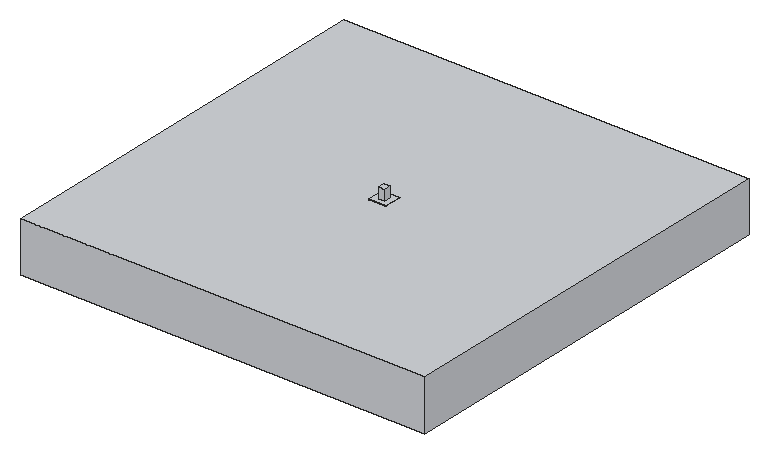
Revit family
Parameters (values of type "-EVS/-MVC Transformer")
  Waste Connection = no
  WFU = 0
  Vent Connection = no
  URL = "http://www.acornengineering.com"
  Model = "0710-700-001"
  Manufacturer = "Acorn Engineering"
  HWFU = 0
  HW Connection = no
  Description = "120V/24V Transformer"
  Default Elevation = 48"
  CWFU = 0
  CW Connection = no
  Assembly Code = ""
Reference planes (in)
  plane 1 "Center (Front/Back)": y = 0
  plane 2: z = 0
  plane 3 "Center (Left/Right)": x = 0
Forms (in)
  Extrusion 1, solid
    sketch origin (0, 0, 0) x (1, 0, 0) y (0, 1, 0)
      loop
        line (-48, 48) -> (-48, -48) -> (48, -48) -> (48, 48) -> (-48, 48)
    from 0 to -12
  Extrusion 2, solid
    sketch origin (0, 0, 0) x (1, 0, 0) y (0, 1, 0)
      loop
        line (-2, 2) -> (-2, -2) -> (2, -2) -> (2, 2) -> (-2, 2)
    from 0 to 0.0625
  Extrusion 3, solid
    sketch origin (0, 0, 0.0625) x (1, 0, 0) y (0, 1, 0)
      loop
        line (-0.75, 0.75) -> (-0.75, -0.75) -> (0.75, -0.75) -> (0.75, 0.75) -> (-0.75, 0.75)
    from 0 to 2.5
Dimensions and locks (in)
  locked: plane 1 "Center (Front/Back)" to Extrusion 2 sketch curve at 2
  locked: Extrusion 2 sketch curve to plane 1 "Center (Front/Back)" at 2
  locked: Extrusion 2 sketch curve to plane 3 "Center (Left/Right)" at 2
  locked: plane 3 "Center (Left/Right)" to Extrusion 2 sketch curve at 2
  aligned and locked: plane 2 to Extrusion 1
  aligned and locked: level to Extrusion 1
Connectors (in)
  electrical at (0, 0, 2.5625)
    settings: on Extrusion 3, index 1
  electrical at (0, 0, 0)
    settings: on Extrusion 2, index 2
